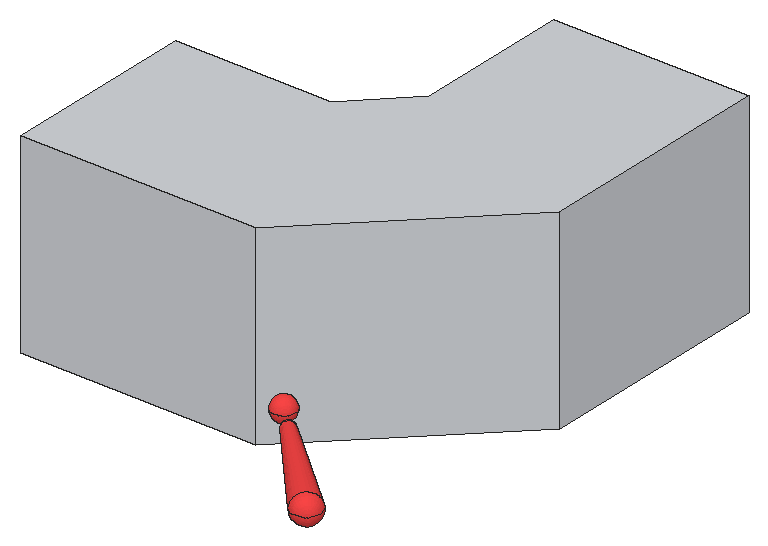
Revit family "Climaver_Elbow", category Tvarovky potrubí, Revit 2022
Family settings
  Kóta kulaté spojky = Použít průměr
  Typ dílu = Koleno
  Založené na pracovní rovině = Ne
  Vždy vertikální = Ano
  Ořezat dutým tvarem při načtení = Ne
  Sdílené = Ne
Parameters (values of type "CLIMAVER A2 Deco")
  note_angel = "Warning: Use of non standard angle."  # constant formula
  note_R4 = "Contact climaver team. The table below indicates the types of reinforcement and the distance between each reinforcement."  # constant formula
  note_R3 = "Reinforcement is required. For more information, visit the manufacturer's website. The table below indicates the types of reinforcement and the distance between each reinforcement."  # constant formula
  note_R2 = "At pressures greater than 200 Pa it is necessary to reinforce. For more information, visit the manufacturer's website. The table below indicates the types of reinforcement and the distance between each reinforcement.\r\n"  # constant formula
  note_R1 = "At pressures greater than 400 Pa it is necessary to reinforce. For more information, visit the manufacturer's website. The table below indicates the types of reinforcement and the distance between each reinforcement.\r\n"  # constant formula
  note_L3 min = "The minimum dimension of parameter was exceeded. Length of inner part 3 = 200 mm."  # constant formula
  note_L2 min = "The minimum dimension of parameter was exceeded. Length of inner part 2 = 150 mm."  # constant formula
  note_L1 min = "The minimum dimension of parameter was exceeded. Length of inner part 1 = 200 mm."  # constant formula
  note_L max = "Warning: The fitting must be constructed from more parts."  # constant formula
  note_Di = "The internal dimensions should be at least 200 mm (the recommended min.value for the DUCT_WIDTH and DUCT_HEIGHT)"  # constant formula
  Wvzd [instance] = DUCT_WIDTH / 2  # 100 mm
  Warnings = yes
  Warning note [instance] = if(WAR_Di = 0 mm, note_Di, if(WAR_L1 min = 0 mm, note_L1 min, if(WAR_L2 min = 0 mm, note_L2 min, if(WAR_L3 min = 0 mm, note_L3 min, if(WAR_L max = 0 mm, note_L max, if(WAR_angle = 0 mm, note_angel, ""))))))  # "The minimum dimension of parameter was exceeded. Length of inner part 2 = 150 mm."
  WAR_angle [instance] = if(not(or(ANGLE = 90.00°, ANGLE = 45.00°)), 0 mm, 1 mm)  # 1 mm
  WAR_R4 [instance] = or(DUCT_WIDTH > 1500 mm, DUCT_HEIGHT > 1500 mm)  # no
  WAR_R3 [instance] = or(DUCT_WIDTH > 1050 mm, DUCT_HEIGHT > 1050 mm)  # no
  WAR_R2 [instance] = or(DUCT_WIDTH > 900 mm, DUCT_HEIGHT > 900 mm)  # no
  WAR_R1 [instance] = or(DUCT_WIDTH > 600 mm, DUCT_HEIGHT > 600 mm)  # no
  WAR_L3 min [instance] = if(ANGLE = 90.00°, if(Lenght of inner part 3 < 150 mm, 0 mm, 1 mm), if(DVC2 + Lenght of inner part 3 < 200 mm, 0 mm, 1 mm))  # 1 mm
  WAR_L2 min [instance] = if(ANGLE = 90.00°, if(DVC2 < 150 mm, 0 mm, 1 mm), if(DVC2 + Lenght of inner part 3 < 200 mm, 1 mm, 1 mm))  # 0 mm
  WAR_L1 min [instance] = if(Lenght of inner part 1 < 200 mm, 0 mm, 1 mm)  # 1 mm
  WAR_L max [instance] = if(or((Lenght of inner part 1 + Lenght of outer part 2 + Lenght of inner part 3) > Maximum lenght of panel, Perimetr > Maximum perimetr of one panel), 0 mm, 1 mm)  # 1 mm
  WAR_Di [instance] = if((or(External dimension_Width < 200 mm, External dimension_Height < 200 mm)), 0 mm, 1 mm)  # 1 mm
  WAR [instance] = if(or(WAR_angle = 0 mm, WAR_L1 min = 0 mm, WAR_L2 min = 0 mm, WAR_L3 min = 0 mm), 0 mm, 1 mm)  # 0 mm
  W [instance] = and(WAR = 0 mm, Warnings)  # yes
  Výrobce = "Saint-Gobain - Isover"
  URL3 = ""
  URL2 = ""
  URL1 = "https://www.isover-technical-insulation.com/products/climaverr-a2-deco"
  URL = "https://www.isover-technical-insulation.com/hvac/climaverr-self-supporting-ducts"
  U2 [instance] = if(ANGLE = 90.00°, 22.50°, 2.00°)  # 22.50°
  U [instance] = Angle1 / 2  # 22.50°
  TYPE = "Fitting"  # constant formula
  Reinforcement note [instance] = if(WAR_R4, note_R4, if(WAR_R3, note_R3, if(WAR_R2, note_R2, if(WAR_R1, note_R1, ""))))  # ""
  Popis = "Elbow"
  Perimetr [instance] = 2 * External dimension_Height + 2 * External dimension_Width + 200 mm  # 1200 mm
  PO [instance] = Lenght of inner part 1 / if(ANGLE = 90.00°, tan(45.00° / 2), tan(ANGLE / 2))  # 482.843 mm
  PANEL THICKNESS = 25 mm
  PANEL AREA [instance] = 2 * (External dimension_Height + External dimension_Width) * (Lenght of outer part 1 + Lenght of outer part 2 + Lenght of outer part 3)  # 0.914214 m²
  Offset3 [instance] = if(ANGLE = 90.00°, Lenght of inner part 3, Lenght of inner part 3)  # 200 mm
  Offset2 [instance] = External dimension_Width / 2 * tan(Angle1 / 2)  # 51.777 mm
  Minimum lenght of middle part = 150 mm  # constant formula
  Minimum lenght of main part = 200 mm  # constant formula
  Maximum perimetr of one panel = 3000 mm  # constant formula
  Maximum lenght of panel = 1190 mm
  MAXIMUM DIMENSION [instance] = if(External dimension_Width > External dimension_Height, External dimension_Width, External dimension_Height)  # 250 mm
  Lenght of outer part 3 [instance] = if(ANGLE = 90.00°, tan(22.50°) * External dimension_Width + Lenght of inner part 3, Lenght of inner part 3)  # 303.553 mm
  Lenght of outer part 2 [instance] = if(ANGLE = 90.00°, tan(22.50°) * External dimension_Width * 2 + DVC2, DVC2 + tan(ANGLE / 2) * External dimension_Width)  # 307.107 mm
  Lenght of outer part 1 [instance] = if(ANGLE = 90.00°, tan(45.00° / 2), tan(ANGLE / 2)) * (PO + External dimension_Width)  # 303.553 mm
  Installation manual = "https://ssi-climaver.com/assets/pdf/20180924%20climaver_installation_manual_din_a5.pdf"
  Family collaps = no
  External dimension_Height [instance] = DUCT_HEIGHT + 2 * PANEL THICKNESS  # 250 mm
  External dimension_Width [instance] = DUCT_WIDTH + 2 * PANEL THICKNESS  # 250 mm
  Offset1 [instance] = if(ANGLE = 90.00°, (Length2 ^ 2 / 2) ^ 0.5, 0 mm)  # 143.934 mm
  Model = "CLIMAVER A2 Deco (Fire behaviour A2-s1, d0, Acoustic absorption 0,85)"
  Length3 [instance] = Lenght of inner part 3 + External dimension_Width / 2 * tan(Angle1 / 2) - if(ANGLE = 90.00°, 0 mm, Length2)  # 251.777 mm
  Length2 [instance] = if(ANGLE = 90.00°, Lenght of inner part 2, 0 mm) + 2 * External dimension_Width / 2 * tan(Angle1 / 2)  # 203.553 mm
  Length1 [instance] = Lenght of inner part 1 + External dimension_Width / 2 * tan(Angle1 / 2)  # 251.777 mm
  Lenght of inner part 3 [instance] = 200 mm
  Lenght of inner part 2 [instance] = 100 mm
  Lenght of inner part 1 [instance] = 200 mm
  Komentáře k typům = "Glass wool duct boards for air conditioning, ventilation and heating systems. The system allow to make foursquare duct/duct lines (straight duct, elbow, offset, branch etc.) The panel a high density glass wool duct board and is faced on both sides. The outer facing, a robust aluminum facing, acts as a vapor barrier and ensures that the duct is airtight. The inner facing of the duct may be either a reinforced aluminum facing or a woven glass facing.The pre-insulated, self-supporting duct is designed to offer excellent acoustics, excellent thermal performance and a high level of air-tightness, making the system energy efficient. Application as EN 13403, Airtightness: Thermal conductivity λ = 0,032 [W/(m·K)] for T = 10 °C, Class D, Maximum Static pressure: 800 Pa, Maximum air speed: 18 m/s, Maximum temperature of circulating air: 90°C, Maximum external air temperature 60°C, Minimum temperature: – 30˚C, Dimensional stability: Quantities and measured values : <1 %, Duct assembly: exclusive male/female molded shiplap, Water-vapour diffusion resistence: >140 m².h.Pa/mg (from the facing)."  # constant formula
  Výchozí výška = 0 mm
  DVC2 [instance] = if(ANGLE = 90.00°, Lenght of inner part 2, 0 mm)  # 100 mm
  DUCT_WIDTH [instance] = 200 mm
  DUCT_HEIGHT [instance] = 200 mm
  Collapser [instance] = and(WAR = 0 mm, Family collaps)  # no
  Cena = 0
  COPYRIGHT = "Saint-Gobain - Isover"  # constant formula
  Angle2 [instance] = if(ANGLE = 90.00°, 45.00°, 90.00°)  # 45.00°
  Angle1 [instance] = if(ANGLE = 90.00°, 45.00°, ANGLE)  # 45.00°
  ANGLE [instance] = 90.00°
Types (5, lengths in mm): name | Warning note | WAR_L2 min | WAR | W | URL3 | URL2 | URL1 | Perimetr | PANEL THICKNESS | PANEL AREA | Offset2 | Maximum lenght of panel | MAXIMUM DIMENSION | Lenght of outer part 3 | Lenght of outer part 2 | Lenght of outer part 1 | External dimension_Height | External dimension_Width | Offset1 | Model | Length3 | Length2 | Length1 | Lenght of inner part 2 | DVC2
  (no name) | "The minimum dimension of parameter was exceeded. Length of inner part 2 = 150 mm." | 0 | 0 | yes | "" | "" | "https://www.isover-technical-insulation.com/products/climaverr-a2-deco" | 1200 | 25 | 0.914214 m² | 51.777 | 1190 | 250 | 303.553 | 307.107 | 303.553 | 250 | 250 | 143.934 | "CLIMAVER A2 Deco (Fire behaviour A2-s1, d0, Acoustic absorption 0,85)" | 251.777 | 203.553 | 251.777 | 100 | 100
  CLIMAVER A2 Deco | "The minimum dimension of parameter was exceeded. Length of inner part 2 = 150 mm." | 0 | 0 | yes | "" | "" | "https://www.isover-technical-insulation.com/products/climaverr-a2-deco" | 1200 | 25 | 0.914214 m² | 51.777 | 1190 | 250 | 303.553 | 307.107 | 303.553 | 250 | 250 | 143.934 | "CLIMAVER A2 Deco (Fire behaviour A2-s1, d0, Acoustic absorption 0,85)" | 251.777 | 203.553 | 251.777 | 100 | 100
  CLIMAVER Apta, A2 Apta, A1 Apta | "" | 1 | 1 | no | "https://www.isover-technical-insulation.com/products/climaverr-a1-apta" | "https://www.isover-technical-insulation.com/products/climaverr-a2-apta" | "https://www.isover-technical-insulation.com/products/climaverr-apta" | 1320 | 40 | 1.13559 m² | 57.99 | 1210 | 280 | 315.98 | 381.96 | 315.98 | 280 | 280 | 188.076 | "CLIMAVER Apta, A2 Apta, A1 Apta (Fire reaction B-s1, d0; A2-s1, d0; A1, Acoustic absorption 0,90)" | 257.99 | 265.98 | 257.99 | 150 | 150
  CLIMAVER Neto, CLIMAVER A2 Neto | "" | 1 | 1 | no | "" | "https://www.isover-technical-insulation.com/products/climaverr-a2-neto" | "https://www.isover-technical-insulation.com/products/climaverr-neto" | 1200 | 25 | 0.964214 m² | 51.777 | 1190 | 250 | 303.553 | 357.107 | 303.553 | 250 | 250 | 179.289 | "CLIMAVER Neto, CLIMAVER A2 Neto (Fire reaction B-s1, d0; A2-s1, d0, Acoustic absorption 0,85)" | 251.777 | 253.553 | 251.777 | 150 | 150
  CLIMAVER Plus R, CLIMAVER A2 Plus | "" | 1 | 1 | no | "" | "https://www.isover-technical-insulation.com/products/climaverr-a2-plus" | "https://www.isover-technical-insulation.com/products/climaverr-plus-r" | 1200 | 25 | 0.964214 m² | 51.777 | 1190 | 250 | 303.553 | 357.107 | 303.553 | 250 | 250 | 179.289 | "CLIMAVER Plus R, CLIMAVER A2 Plus (Fire reaction B-s1, d0; A2-s1, d0, Acoustic absorption 0,30)" | 251.777 | 253.553 | 251.777 | 150 | 150
Reference planes
  plane 1 "Střed (vpředu/vzadu)": y = 0
  plane 2: z = 0
  plane 3 "Střed (vlevo/vpravo)": x = 0
  plane 4: x = -143.934
  plane 5: x = -395.711
  plane 6: z = -100
  plane 7: z = 100
  plane 8 "H": z = 125
  plane 9 "S": z = -125
Forms (mm)
  Sweep 1, solid, detail levels medium+fine
    path in 3D
      loop
        line (0, 395.711, 0) -> (0, 143.934, 0) -> (-143.934, 0, 0) -> (-395.711, 0, 0)
    profile origin (-269.822, 0, 0) x (0, -1, 0) y (0, 0, 1)
      loop
        line (-125, 125) -> (-125, -125) -> (125, -125) -> (125, 125) -> (-125, 125)
Lines and regions (mm)
  reference lines
    curve 1: line (-143.934, 0, 0) -> (-70.711, 73.223, 0)
    curve 2: line (0, 143.934, 0) -> (0, 395.711, 0)
    curve 3: line (-202.533, 346.467, 0) -> (165.163, -21.229, 0)
    curve 4: line (-112.327, 395.711, 0) -> (161.781, 395.711, 0)
    curve 5: line (-143.934, 0, 0) -> (-395.711, 0, 0)
    curve 9: line (-602.792, 125, 0) -> (-502.792, 125, 0)
    curve 10: line (-306.724, 13.987, 0) -> (-236.013, 84.698, 0)
    curve 11: line (-125, 422.369, 0) -> (-125, 522.369, 0)
    curve 12: line (125, 522.369, 0) -> (125, 422.369, 0)
    curve 13: line (-53.033, -85.876, 0) -> (-123.744, -156.586, 0)
    curve 14: line (-602.792, -125, 0) -> (-502.792, -125, 0)
    curve 24: line (-143.934, 0, 125) -> (-76.972, 66.962, 125)
    curve 25: line (0, 143.934, 125) -> (0, 269.822, 125)
    curve 30: line (-143.934, 0, 125) -> (16.793, -388.029, 125)
    curve 31: line (0, 143.934, 0) -> (480.417, -55.061, 0)
    curve 32: line (0, 143.934, -125) -> (0, 398.934, -125)
    curve 35: line (-143.934, 0, -125) -> (-31.834, 112.1, -125)
  model lines, detail levels coarse
    curve 6: line (-143.934, 0, 0) -> (-395.711, 0, 0)
    curve 7: line (-143.934, 0, 0) -> (0, 143.934, 0)
    curve 8: line (0, 143.934, 0) -> (0, 395.711, 0)
  model lines, style "InvisibleLines"
    curve 15: line (-395.711, 0, 0) -> (-395.711, -125, 0)
    curve 21: line (-41.496, 395.711, 0) -> (125, 395.711, 0)
  model lines, style "InvisibleLines", not visible
    curve 16: line (-195.711, 0, 0) -> (-195.711, -125, 0)
    curve 17: line (-143.934, -125, 0) -> (-395.711, -125, 0)
    curve 22: line (125, 395.711, 0) -> (125, 100.335, 0)
    curve 23: line (31.727, 195.711, 0) -> (235.005, 195.711, 0)
  sketch lines
    curve 18: line (-143.934, 0, 0) -> (-395.711, 0, 0)
    curve 19: line (-143.934, 0, 0) -> (0, 143.934, 0)
    curve 20: line (0, 143.934, 0) -> (0, 395.711, 0)
  model lines, style "Climaver_Inner wall of fittings", detail levels medium
    curve 26: line (-100, 395.711, 125) -> (-100, 185.355, 125)
    curve 27: line (100, 395.711, 125) -> (100, 102.513, 125)
    curve 28: line (-185.355, 100, 125) -> (-100, 185.355, 125)
    curve 29: line (-102.513, -100, 125) -> (100, 102.513, 125)
    curve 33: line (100, 395.711, -125) -> (100, 102.513, -125)
    curve 34: line (-100, 395.711, -125) -> (-100, 185.355, -125)
    curve 36: line (-185.355, 100, -125) -> (-100, 185.355, -125)
    curve 37: line (-102.513, -100, -125) -> (100, 102.513, -125)
    curve 38: line (-395.711, -100, -125) -> (-102.513, -100, -125)
    curve 39: line (-395.711, 100, -125) -> (-185.355, 100, -125)
    curve 40: line (-395.711, -125, 100) -> (-92.157, -125, 100)
    curve 41: line (-395.711, -125, -100) -> (-92.157, -125, -100)
    curve 42: line (-92.157, -125, 100) -> (125, 92.157, 100)
    curve 43: line (-92.157, -125, -100) -> (125, 92.157, -100)
    curve 44: line (125, 92.157, 100) -> (125, 395.711, 100)
    curve 45: line (125, 92.157, -100) -> (125, 395.711, -100)
    curve 46: line (-195.711, 125, 100) -> (-395.711, 125, 100)
    curve 47: line (-195.711, 125, -100) -> (-395.711, 125, -100)
    curve 48: line (-125, 395.711, 100) -> (-125, 195.711, 100)
    curve 49: line (-125, 395.711, -100) -> (-125, 195.711, -100)
    curve 50: line (-125, 195.711, 100) -> (-195.711, 125, 100)
    curve 51: line (-125, 195.711, -100) -> (-195.711, 125, -100)
    curve 52: line (-395.711, 100, 125) -> (-185.355, 100, 125)
    curve 53: line (-395.711, -100, 125) -> (-102.513, -100, 125)
Dimensions and locks
  "Offset1": plane 4 to plane 3 "Střed (vlevo/vpravo)"
  "Length2": curve 1 to curve 3
  "Length3": curve 2 to curve 4
  "Length1": plane 5 to plane 4
  equal spacing: curve 11, curve 2, curve 12
  "External dimension_Width": curve 11 to curve 12
  equal spacing: curve 13, curve 1, curve 10
  equal spacing: curve 14, curve 5, curve 9
  "External dimension_Width": curve 14 to curve 9
  equal spacing: plane 7, plane 2, plane 6
  "DUCT_HEIGHT": plane 7 to plane 6
  locked: curve 9 to curve 9 at 100
  locked: curve 14 to curve 14 at 100
  locked: curve 10 to curve 10 at 100
  locked: curve 13 to curve 13 at 100
  locked: curve 12 to curve 12 at 100
  locked: curve 11 to curve 11 at 100
  "Offset2": curve 16 to plane 4
  "Lenght of inner part 1": curve 15 to curve 16
  equal spacing: Sweep 1 sketch curve, profile plane, Sweep 1 sketch curve  (x2)
  "External dimension_Width": Sweep 1 sketch curve to Sweep 1 sketch curve
  "External dimension_Height": Sweep 1 sketch curve to Sweep 1 sketch curve
  "Length3": curve 2 to curve 2
  "Offset3": curve 23 to curve 4
  "Lenght of inner part 3": curve 23 to curve 21
  equal spacing: plane 8 "H", plane 2, plane 9 "S"
  "External dimension_Height": plane 8 "H" to plane 9 "S"
  equal spacing: curve 26, curve 25, curve 27
  "DUCT_WIDTH": curve 26 to curve 27
  equal spacing: curve 29, curve 24, curve 28
  "DUCT_WIDTH": curve 29 to curve 28
  locked: curve 24 to curve 24 at 94.699
  locked: curve 25 to curve 25 at 125.888
  equal spacing: curve 34, curve 32, curve 33
  "DUCT_WIDTH": curve 34 to curve 33
  equal spacing: curve 37, curve 35, curve 36
  "DUCT_WIDTH": curve 37 to curve 36
  equal spacing: curve 38, plane 1 "Střed (vpředu/vzadu)", curve 39
  "DUCT_WIDTH": curve 38 to curve 39
  equal spacing: curve 53, plane 1 "Střed (vpředu/vzadu)", curve 52
  "DUCT_WIDTH": curve 53 to curve 52
  "Angle1": angle plane 1 "Střed (vpředu/vzadu)" to curve 1
  "Angle2": angle curve 2 to curve 3
  locked: curve 23 to curve 2 (angle 90.00°)
  locked: curve 21 to curve 2 (angle 90.00°)
  locked: curve 4 to curve 22 (angle 90.00°)
  "Angle1": angle plane 1 "Střed (vpředu/vzadu)" to curve 24
  "Angle2": angle curve 25 to curve 3
  "U": angle plane 4 to curve 30
  "U2": angle curve 3 to curve 31
  "Angle2": angle curve 32 to curve 3
  "Angle1": angle plane 1 "Střed (vpředu/vzadu)" to curve 35
  locked: curve 39 to plane 5 (angle 90.00°)
  locked: plane 5 to curve 38 (angle 90.00°)
  locked: curve 52 to plane 5 (angle 90.00°)
  locked: curve 53 to plane 5 (angle 90.00°)
  aligned and locked: level to plane 2
  aligned and locked: plane 1 "Střed (vpředu/vzadu)" to curve 1
  aligned and locked: curve 1 to curve 2
  aligned and locked: plane 5 to curve 5
  aligned and locked: plane 4 to curve 5
  aligned and locked: curve 6 to curve 5
  aligned and locked: curve 7 to curve 1
  aligned and locked: curve 8 to curve 2
  aligned and locked: curve 4 to curve 8
  aligned and locked: curve 3 to curve 7
  aligned and locked: curve 17 to curve 14
  aligned and locked: curve 3 to curve 8
  aligned and locked: plane 4 to curve 17
  aligned and locked: curve 12 to curve 22
  aligned and locked: plane 4 to curve 24
  aligned and locked: plane 1 "Střed (vpředu/vzadu)" to curve 24
  aligned and locked: curve 3 to curve 25
  aligned and locked: curve 4 to curve 27
  aligned and locked: curve 4 to curve 26
  aligned and locked: curve 3 to curve 2
  aligned and locked: curve 25 to curve 2
  aligned and locked: plane 1 "Střed (vpředu/vzadu)" to curve 30
  aligned and locked: plane 4 to curve 30
  aligned and locked: curve 30 to curve 29
  aligned and locked: curve 28 to curve 30
  aligned and locked: curve 31 to curve 27
  aligned and locked: curve 31 to curve 29
  aligned and locked: curve 28 to curve 31
  aligned and locked: curve 26 to curve 31
  aligned and locked: curve 3 to curve 32
  aligned and locked: curve 32 to curve 2
  aligned and locked: curve 31 to curve 33
  aligned and locked: curve 34 to curve 31
  aligned and locked: curve 4 to curve 33
  aligned and locked: curve 4 to curve 34
  aligned and locked: plane 1 "Střed (vpředu/vzadu)" to curve 35
  aligned and locked: plane 4 to curve 35
  aligned and locked: curve 30 to curve 37
  aligned and locked: curve 36 to curve 30
  aligned and locked: curve 31 to curve 37
  aligned and locked: curve 36 to curve 31
  aligned and locked: plane 5 to curve 38
  aligned and locked: plane 5 to curve 39
  aligned and locked: curve 39 to curve 30
  aligned and locked: curve 30 to curve 38
  aligned and locked: plane 5 to curve 41
  aligned and locked: plane 5 to curve 40
  aligned and locked: Sweep 1 to curve 40
  aligned and locked: Sweep 1 to curve 41
  aligned and locked: curve 40 to plane 7
  aligned and locked: curve 41 to plane 6
  aligned and locked: Sweep 1 to curve 42  (x2)
  aligned and locked: Sweep 1 to curve 43  (x2)
  aligned and locked: curve 43 to plane 6
  aligned and locked: curve 42 to plane 7
  aligned and locked: Sweep 1 to curve 44  (x2)
  aligned and locked: Sweep 1 to curve 45  (x2)
  aligned and locked: curve 45 to plane 6
  aligned and locked: curve 44 to plane 7
  aligned and locked: plane 5 to curve 46
  aligned and locked: Sweep 1 to curve 46
  aligned and locked: Sweep 1 to curve 47
  aligned and locked: plane 5 to curve 47
  aligned and locked: curve 46 to plane 7
  aligned and locked: curve 47 to plane 6
  aligned and locked: Sweep 1 to curve 48  (x2)
  aligned and locked: Sweep 1 to curve 49  (x2)
  aligned and locked: curve 49 to plane 6
  aligned and locked: curve 48 to plane 7
  aligned and locked: Sweep 1 to curve 50  (x2)
  aligned and locked: Sweep 1 to curve 51  (x2)
  aligned and locked: curve 50 to plane 7
  aligned and locked: curve 51 to plane 6
  aligned and locked: curve 3 to plane 2
  aligned and locked: plane 5 to curve 53
  aligned and locked: plane 5 to curve 52
  aligned and locked: curve 52 to curve 30
  aligned and locked: curve 30 to curve 53
Automatic sketch dimensions
  curve 6 to curve 5 = 0 mm  (x2)
  curve 7 to curve 1 = 0 mm
  plane 1 "Střed (vpředu/vzadu)" to curve 15 = 0 mm
  plane 1 "Střed (vpředu/vzadu)" to curve 16 = 0 mm
  plane 3 "Střed (vlevo/vpravo)" to curve 23 = 31.727 mm
  curve 3 to curve 1 = 233.576 mm
  curve 1 to curve 13 = 3.553 mm
  curve 10 to curve 1 = 5.219 mm
  curve 13 to curve 1 = 125 mm
  curve 1 to curve 3 = 286.424 mm
  curve 4 to curve 2 = 161.781 mm
  curve 2 to curve 4 = 112.327 mm
  curve 2 to curve 12 = 26.658 mm
  curve 2 to curve 11 = 26.658 mm
  curve 5 to curve 9 = 107.081 mm
  curve 5 to curve 14 = 107.081 mm
Nested families
  nested 1: "Warnings_HVAC" at (-13.387, -187.651, -2.5) x (-0.7071, -0.7071, 0) z (0.7071, -0.7071, 0), built-in parameter 1001364 <- "Wvzd", visible <- "W", type "Warnings_HVAC"
    with Viditelnost yes
Connectors
  hvac at (-395.711, 0, 0), driven by "DUCT_HEIGHT", driven by "DUCT_WIDTH"
    settings: on curve 5, index 1, duct flow 0.0 m³/h, flow factor 0, pres drop 0.0 Pa, loss coef 0, conn angle 0.00°, conn width 200 mm, conn height 200 mm, conn diameter 609.6 mm, duct sys type 28, conn prof type 1, flow config 0, flow direction 0, loss method 0, conn ref index -1, conn util no, is conn primary yes, conn desc ""
  hvac at (0, 395.711, 0), driven by "DUCT_HEIGHT", driven by "DUCT_WIDTH", driven by "ANGLE"
    settings: on curve 2, index 2, duct flow 0.0 m³/h, flow factor 0, pres drop 0.0 Pa, loss coef 0, conn angle 90.00°, conn width 200 mm, conn height 200 mm, conn diameter 609.6 mm, duct sys type 28, conn prof type 1, flow config 0, flow direction 0, loss method 0, conn ref index -1, conn util no, is conn primary no, conn desc ""
Definition of nested family "Warnings_HVAC"
  Parameters (values of type "Warnings_HVAC")
    Manufacturer = ""
    Default Elevation = 0 mm
    Viditelnost [instance] = yes
    URL = ""
    Description = ""
    Model = ""
    Type Comments = ""
    Collapse = no
    Collapser = if(Collapse, -1 mm, 206 mm)  # 206 mm
    Cost = 0
    COPYRIGHT = "© cadconsulting, spol. s r.o."  # constant formula
  Reference planes
    plane 1 "Střed (vpředu/vzadu)": z = 0
    plane 2: z = 0
    plane 3 "Střed (vlevo/vpravo)": x = 0
    plane 4: z = 50
    plane 5: z = 256
    plane 6 "Střed Vpředu/Vzadu": y = -2.5
  Forms (mm)
    Revolve 1, solid, visible <- "Viditelnost"
      sketch origin (0, -2.5, 1200) x (1, 0, 0) y (0, 0, 1)
        loop
          line (-18.367, -945.083) -> (-8.69, -1109.259)
          arc (-8.69, -1109.259) -> (-5.971, -1115.081) -> (0, -1117.452) r 8.705
          line (0, -1117.452) -> (0, -925.601)
          arc (0, -925.601) -> (-13.387, -931.379) -> (-18.367, -945.083) r 18.399
        loop
          arc (0, -1135) -> (-15, -1150) -> (0, -1165) r 15
          line (0, -1165) -> (0, -1135)
        axis (0, -1165) -> (0, -925.601)
      angle from 0 to 360
  Lines and regions (mm)
    reference lines
      curve 1: line (0, -2.5, 50) -> (0, -2.5, 261)
  Dimensions and locks
    "Collapser": plane 5 to plane 4
    locked: plane 4 to plane 2 at 50
    aligned and locked: level to plane 2
    aligned and locked: plane 4 to curve 1
    aligned and locked: plane 3 "Střed (vlevo/vpravo)" to curve 1
    aligned and locked: Revolve 1 sketch curve to plane 3 "Střed (vlevo/vpravo)"
    aligned and locked: plane 3 "Střed (vlevo/vpravo)" to Revolve 1 sketch curve  (x3)
    aligned and locked: plane 5 to Revolve 1 sketch curve
    aligned and locked: plane 4 to Revolve 1 sketch curve
  Automatic sketch dimensions
    curve 1 to plane 5 = 5 mm
    Revolve 1 sketch curve to plane 3 "Střed (vlevo/vpravo)" = 0 mm
    Revolve 1 sketch curve to plane 4 = 0 mm
    Revolve 1 sketch curve to plane 5 = 0 mm
    Revolve 1 sketch curve to plane 3 "Střed (vlevo/vpravo)" = 8.69 mm
    plane 5 to Revolve 1 sketch curve = 1.083 mm
    Revolve 1 sketch curve to plane 3 "Střed (vlevo/vpravo)" = 18.367 mm
    Revolve 1 sketch curve to Revolve 1 sketch curve = 15 mm
    Revolve 1 sketch curve to Revolve 1 sketch curve = 8.193 mm
